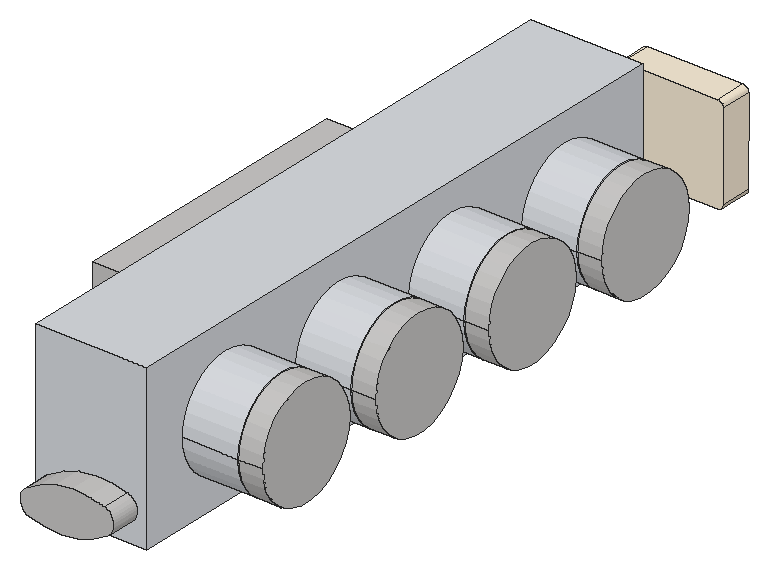
Revit family "HVAC_Ductwork_Airzone_Motorized-Plenum_Hitachi_Standard_4-Dampers", category Mechanical Equipment, Revit 2016
Family settings
  Part Type = Normal
  Round Connector Dimension = Use Diameter
  OmniClass Number = 23.75.70.14
  OmniClass Title = Air Ductwork
  Work Plane-Based = No
  Always vertical = Yes
  Cut with Voids When Loaded = No
  Shared = No
  Room Calculation Point = No
Parameters (values of type "HITST02S4")
  Voltage = 230 V
  URL = "www.airzone.es"
  Type Image Comments = "Image available in product documentation download"  # constant formula
  Revit Model Version = "1.0"  # constant formula
  Revit Model Author URL = "www.a3d.es"
  Revit Model Author = "A3D Consulting"  # constant formula
  Product Documentation Download URL = "http://doc.airzone.es/BIM/Easyzone/Hitachi-Airzone_motorized_plenum.zip"
  Product Comments = "Refer to technical documentation for further details"  # constant formula
  Power Factor = 1
  Neck Width = 537.600 mm
  Neck Length = 95.000 mm
  Neck Height = 179.600 mm
  Material = Metal - AIRZONE - Galvanized Sheet - Semi-polished
  Main Control Board Material = Plastic - AIRZONE - Smooth - Off-white
  Load Classification = Other
  Insulated Body Width = 205.000 mm  # constant formula
  Insulated Body Material = Metal -AIRZONE - Insulating Lining -Aluminum Finish
  Insulated Body Length = 1140.000 mm  # constant formula
  Insulated Body Height = 300.000 mm  # constant formula
  Flow [instance] = Damper 4 Air Flow + Damper 3 Air Flow + Damper 2 Air Flow + Damper 1 Air Flow - Fresh Air Inlet 2 Flow - Fresh Air Inlet 1 Flow  # 1200 m³/h
  Fresh Air Inlet 1 Flow [instance] = 0 m³/h
  Fresh Air Inlet 2 Flow [instance] = 0 m³/h
  Fresh Air Inlet Connection Width = 175.000 mm
  Fresh Air Inlet Connection Height = 75.000 mm
  Model = "HITST02S4"
  Neck Side Offset = 351.200 mm
  Neck Bottom Offset = 78.200 mm
  Type Image = <None>
  Manufacturer = "AIRZONE"  # constant formula
  Main Control Board Depth = 57.000 mm  # constant formula
  Main Control Board Width = 195.000 mm  # constant formula
  Main Control Board Height = 180.000 mm  # constant formula
  Fixing = ""
  Disclaimer = "All information provided in this model is reviewed before being published. However, Airzone cannot guarantee this model is error-free, therefore users are strongly encouraged to check for technical documentation and updates"  # constant formula
  Description = "Airzone standard motorized plenum with neck that mechanically adapts to the main ducted AC units of Hitachi."
  Type Comments = ""
  Dampers Length = 149.000 mm  # constant formula
  Dampers Diameter = 200.000 mm  # constant formula
  Damper 4 Air Flow [instance] = 300 m³/h
  Damper 1 Air Flow [instance] = 300 m³/h
  Damper 2 Air Flow [instance] = 300 m³/h
  Damper 3 Air Flow [instance] = 300 m³/h
  Fresh Air Inlet Connection Offset Height = 48.305 mm  # constant formula
  Compatible Accesories = ""
  Apparent Load = 57.5 VA
Types (5, lengths in mm): name | Neck Width | Neck Height | Model | Neck Side Offset | Neck Bottom Offset
  HITST04S4 | 723.600 | 178.600 | "HITST04S4" | 208.200 | 88.200
  HITST03M4 | 808.000 | 222.400 | "HITST03M4" | 166.000 | 38.800
  HITST01M4 | 872.600 | 179.600 | "HITST01M4" | 206.200 | 78.200
  HITST01S4 | 871.600 | 102.600 | "HITST01S4" | 207.700 | 163.200
  HITST02S4 | 537.600 | 179.600 | "HITST02S4" | 351.200 | 78.200
Reference planes
  plane 1 "Center (Front/Back)": y = 0
  plane 2 "Center (Elevation)": z = 0
  plane 3 "Center (Left/Right)": x = 0
  plane 4 "Neck Back": y = 268.8
  plane 5 "Neck Front": y = -268.8
  plane 6 "Neck Top": z = 89.8
  plane 7 "Neck Bottom": z = -89.8
  plane 8 "Left": x = 95
  plane 9 "Bottom": z = -168
  plane 10 "Top": z = 132
  plane 11 "Front": y = -520
  plane 12 "Back": y = 620
  plane 13 "Right": x = 300
  plane 14 "Dampers Front": x = 449
  plane 15 "Dampers Center (Elevation)": z = -18
  plane 16 "Damper3": y = -80
  plane 17 "Damper2": y = 180
  plane 18 "Damper1": y = 440
  plane 19 "Middle": y = 50
  plane 20 "FreshAir Center (Elevation)": z = -119.695
  plane 21 "FreshAir1": y = 672.5
  plane 22 "FreshAir2": y = -572.5
  plane 23 "Dampers Lining": x = 404
  plane 24 "FreshAir Vertical Axis": x = 195.83
  plane 25 "ConnectionBox Side": x = 254
  plane 26 "Main Control Board Center (Left/Right)": x = 351.5
  plane 27 "Damper4": y = -340
Forms (mm)
  Extrusion 1, solid, material "Metal - AIRZONE - Galvanized Sheet - Semi-polished" <- "Material"
    sketch origin (0, 0, 0) x (0, 1, 0) y (0, 0, 1)
      loop
        line (-268.8, 89.8) -> (-268.8, -89.8) -> (268.8, -89.8) -> (268.8, 89.8) -> (-268.8, 89.8)
    from 0 to 95
  Extrusion 2, solid, material "Metal -AIRZONE - Insulating Lining -Aluminum Finish" <- "Insulated Body Material"
    sketch origin (95, 0, 0) x (0, 1, 0) y (0, 0, 1)
      loop
        line (-520, 132) -> (-520, -168) -> (620, -168) -> (620, 132) -> (-520, 132)
    from 0 to 205
  Extrusion 3, solid, material "Metal - AIRZONE - Galvanized Sheet - Semi-polished" <- "Material"
    sketch origin (300, 0, 0) x (0, 1, 0) y (0, 0, 1)
      loop
        circle (-80, -18) r 100
    from 104 to 149
  Extrusion 4, solid, material "Metal - AIRZONE - Galvanized Sheet - Semi-polished" <- "Material"
    sketch origin (300, 0, 0) x (0, 1, 0) y (0, 0, 1)
      loop
        circle (180, -18) r 100
    from 104 to 149
  Extrusion 5, solid, material "Metal - AIRZONE - Galvanized Sheet - Semi-polished" <- "Material"
    sketch origin (300, 0, 0) x (0, 1, 0) y (0, 0, 1)
      loop
        circle (440, -18) r 100
    from 104 to 149
  Extrusion 6, solid, material "Metal - AIRZONE - Galvanized Sheet - Semi-polished" <- "Material"
    sketch origin (0, -520, 0) x (0, 0, 1) y (1, 0, 0)
      loop
        arc (-87.141, 265.204) -> (-108.608, 282.105) -> (-133.312, 270.434) r 25.96
        arc (-133.312, 270.434) -> (-159.302, 200.598) -> (-151.849, 126.456) r 164.67
        arc (-151.849, 126.456) -> (-130.665, 109.589) -> (-105.994, 120.751) r 25.96
        arc (-105.994, 120.751) -> (-79.725, 190.78) -> (-87.141, 265.204) r 164.67
    from 0 to -52.5
  Extrusion 7, solid, material "Metal - AIRZONE - Galvanized Sheet - Semi-polished" <- "Material"
    sketch origin (0, 620, 0) x (0, 0, 1) y (1, 0, 0)
      loop
        arc (-87.141, 265.204) -> (-108.325, 282.071) -> (-132.996, 270.909) r 25.96
        arc (-132.996, 270.909) -> (-159.179, 201.53) -> (-152.267, 127.699) r 164.67
        arc (-152.267, 127.699) -> (-131.032, 109.637) -> (-105.678, 121.226) r 25.96
        arc (-105.678, 121.226) -> (-79.688, 191.062) -> (-87.141, 265.204) r 164.67
    from 0 to 52.5
  Extrusion 8, solid, material "Metal -AIRZONE - Insulating Lining -Aluminum Finish" <- "Insulated Body Material"
    sketch origin (300, 0, 0) x (0, 1, 0) y (0, 0, 1)
      loop
        circle (440, -18) r 100
    from 0 to 104
  Extrusion 9, solid, material "Metal -AIRZONE - Insulating Lining -Aluminum Finish" <- "Insulated Body Material"
    sketch origin (300, -260, 0) x (0, 1, 0) y (0, 0, 1)
      loop
        circle (440, -18) r 100
    from 0 to 104
  Extrusion 10, solid, material "Metal -AIRZONE - Insulating Lining -Aluminum Finish" <- "Insulated Body Material"
    sketch origin (300, -520, 0) x (0, 1, 0) y (0, 0, 1)
      loop
        circle (440, -18) r 100
    from 0 to 104
  Extrusion 11, solid, material "Metal - AIRZONE - Galvanized Sheet - Semi-polished" <- "Material"
    sketch origin (300, -190, 0) x (0, 1, 0) y (0, 0, 1)
      loop
        circle (-150, -18) r 100
    from 104 to 149
  Extrusion 12, solid, material "Metal -AIRZONE - Insulating Lining -Aluminum Finish" <- "Insulated Body Material"
    sketch origin (300, -710, 0) x (0, 1, 0) y (0, 0, 1)
      loop
        circle (370, -18) r 100
    from 0 to 104
Lines and regions (mm)
  Masking region 1
    outline origin (0, 0, 0) x (1, 0, 0) y (0, 1, 0)
      loop
        line (95, 620) -> (95, -520) -> (300, -520) -> (300, 620) -> (95, 620)
  Masking region 2, detail levels medium+fine
    outline origin (0, 0, 0) x (1, 0, 0) y (0, 1, 0)
      loop
        line (0, 268.8) -> (0, -268.8) -> (95, -268.8) -> (95, 268.8) -> (0, 268.8)
  Masking region 3, detail levels medium+fine
    outline origin (0, 0, 0) x (1, 0, 0) y (0, 1, 0)
      loop
        line (300, 20) -> (300, -180) -> (449, -180) -> (449, 20) -> (300, 20)
  Masking region 4, detail levels medium+fine
    outline origin (0, 260, 0) x (1, 0, 0) y (0, 1, 0)
      loop
        line (300, 20) -> (300, -180) -> (449, -180) -> (449, 20) -> (300, 20)
  Masking region 5, detail levels medium+fine
    outline origin (0, 520, 0) x (1, 0, 0) y (0, 1, 0)
      loop
        line (300, 20) -> (300, -180) -> (449, -180) -> (449, 20) -> (300, 20)
  Masking region 6, detail levels medium+fine
    outline origin (0, 0, -119.695) x (1, 0, 0) y (0, 1, 0)
      loop
        line (108.33, 672.5) -> (108.33, 620) -> (283.33, 620) -> (283.33, 672.5) -> (108.33, 672.5)
  Masking region 7, detail levels medium+fine
    outline origin (0, 0, -119.695) x (1, 0, 0) y (0, 1, 0)
      loop
        line (108.33, -520) -> (108.33, -572.5) -> (283.33, -572.5) -> (283.33, -520) -> (108.33, -520)
  Masking region 8, detail levels medium+fine
    outline origin (0, 0, 132) x (0, -1, 0) y (1, 0, 0)
      loop
        line (-677, 254) -> (-620, 254) -> (-620, 449) -> (-677, 449) -> (-677, 254)
  Masking region 9, detail levels medium+fine
    outline origin (0, -190, 0) x (1, 0, 0) y (0, 1, 0)
      loop
        line (300, -50) -> (300, -250) -> (449, -250) -> (449, -50) -> (300, -50)
  symbolic lines, detail levels coarse
    curve 1: line (95, -520, 0) -> (300, 50, 0)
    curve 2: line (300, 50, 0) -> (95, 620, 0)
Dimensions and locks
  equal spacing: plane 4 "Neck Back", plane 1 "Center (Front/Back)", plane 5 "Neck Front"
  "Neck Width": plane 4 "Neck Back" to plane 5 "Neck Front"
  equal spacing: plane 6 "Neck Top", level, plane 7 "Neck Bottom"
  "Neck Height": plane 6 "Neck Top" to plane 7 "Neck Bottom"
  "Neck Length": plane 3 "Center (Left/Right)" to plane 8 "Left"
  "Neck Bottom Offset": plane 7 "Neck Bottom" to plane 9 "Bottom"
  "Insulated Body Height": plane 10 "Top" to plane 9 "Bottom"
  "Insulated Body Length": plane 12 "Back" to plane 11 "Front"
  "Insulated Body Width": plane 8 "Left" to plane 13 "Right"
  "Dampers Length": plane 13 "Right" to plane 14 "Dampers Front"
  equal spacing: plane 10 "Top", plane 15 "Dampers Center (Elevation)", plane 9 "Bottom"
  equal spacing: plane 12 "Back", plane 19 "Middle", plane 11 "Front"
  plane 8 "Left" to plane 13 "Right" = 205.000 mm
  "Fresh Air Inlet Connection Offset Height": plane 20 "FreshAir Center (Elevation)" to plane 9 "Bottom"
  locked: Extrusion 6 sketch curve to plane 9 "Bottom" at 56.47
  locked: plane 13 "Right" to Extrusion 6 sketch curve at 43.69
  locked: plane 13 "Right" to Extrusion 6 sketch curve at 164.65
  locked: Extrusion 6 sketch curve to plane 9 "Bottom" at 40.54
  locked: plane 13 "Right" to Extrusion 6 sketch curve at 87.91
  locked: plane 9 "Bottom" to Extrusion 6 sketch curve at 75.01
  locked: plane 13 "Right" to Extrusion 6 sketch curve at 120.43
  locked: Extrusion 6 sketch curve to plane 9 "Bottom" at 172.02
  locked: plane 13 "Right" to Extrusion 7 sketch curve at 43.69
  locked: Extrusion 7 sketch curve to plane 9 "Bottom" at 56.47
  locked: Extrusion 7 sketch curve to plane 9 "Bottom" at 40.54
  locked: plane 13 "Right" to Extrusion 7 sketch curve at 164.65
  locked: plane 13 "Right" to Extrusion 7 sketch curve at 120.43
  locked: Extrusion 7 sketch curve to plane 9 "Bottom" at 172.02
  locked: plane 9 "Bottom" to Extrusion 7 sketch curve at 75.01
  locked: plane 13 "Right" to Extrusion 7 sketch curve at 87.91
  "Neck Side Offset": plane 12 "Back" to plane 4 "Neck Back"
  locked: plane 21 "FreshAir1" to plane 12 "Back" at 52.5
  plane 11 "Front" to plane 22 "FreshAir2" = 52.500 mm
  locked: connector elem to plane 13 "Right" at 104.17
  locked: plane 20 "FreshAir Center (Elevation)" to connector elem
  locked: plane 13 "Right" to connector elem at 104.17
  locked: connector elem to plane 20 "FreshAir Center (Elevation)"
  locked: plane 23 "Dampers Lining" to plane 14 "Dampers Front" at 45
  locked: plane 24 "FreshAir Vertical Axis" to plane 13 "Right" at 104.17
  equal spacing: Masking region 3 sketch curve, plane 16 "Damper3", Masking region 3 sketch curve
  "Dampers Diameter": Masking region 3 sketch curve to Masking region 3 sketch curve
  "Dampers Diameter": Masking region 4 sketch curve to Masking region 4 sketch curve
  equal spacing: Masking region 5 sketch curve, plane 18 "Damper1", Masking region 5 sketch curve
  "Dampers Diameter": Masking region 5 sketch curve to Masking region 5 sketch curve
  equal spacing: Masking region 6 sketch curve, plane 24 "FreshAir Vertical Axis", Masking region 6 sketch curve
  "Fresh Air Inlet Connection Width": Masking region 6 sketch curve to Masking region 6 sketch curve
  equal spacing: Masking region 7 sketch curve, plane 24 "FreshAir Vertical Axis", Masking region 7 sketch curve
  "Fresh Air Inlet Connection Width": Masking region 7 sketch curve to Masking region 7 sketch curve
  "Main Control Board Depth": Masking region 8 sketch curve to plane 12 "Back"
  "Main Control Board Width": plane 25 "ConnectionBox Side" to plane 14 "Dampers Front"
  equal spacing: plane 25 "ConnectionBox Side", plane 26 "Main Control Board Center (Left/Right)", plane 14 "Dampers Front"
  locked: nested 1 to plane 10 "Top" at 10
  equal spacing: Masking region 4 sketch curve, plane 17 "Damper2", Masking region 4 sketch curve
  equal spacing: Masking region 9 sketch curve, plane 27 "Damper4", Masking region 9 sketch curve
  "Dampers Diameter": Masking region 9 sketch curve to Masking region 9 sketch curve
  plane 18 "Damper1" to plane 17 "Damper2" to plane 16 "Damper3" to plane 27 "Damper4" = 260.000 mm locked, 260.000 mm locked, 260.000 mm locked
  locked: plane 17 "Damper2" to plane 19 "Middle" at 130
  "Dampers Diameter": diameter of Extrusion 3 sketch curve
  "Dampers Diameter": diameter of Extrusion 4 sketch curve
  "Dampers Diameter": diameter of Extrusion 5 sketch curve
  radius of Extrusion 7 sketch curve = 164.670 mm  (x2)
  radius of Extrusion 7 sketch curve = 25.960 mm  (x2)
  radius of Extrusion 6 sketch curve = 164.670 mm  (x2)
  radius of Extrusion 6 sketch curve = 25.960 mm  (x2)
  "Dampers Diameter": diameter of Extrusion 8 sketch curve
  "Dampers Diameter": diameter of Extrusion 9 sketch curve
  "Dampers Diameter": diameter of Extrusion 10 sketch curve
  "Dampers Diameter": diameter of Extrusion 11 sketch curve
  "Dampers Diameter": diameter of Extrusion 12 sketch curve
  aligned and locked: level to plane 2 "Center (Elevation)"
  aligned and locked: plane 5 "Neck Front" to Extrusion 1 sketch curve
  aligned and locked: Extrusion 1 sketch curve to plane 6 "Neck Top"
  aligned and locked: Extrusion 1 sketch curve to plane 4 "Neck Back"
  aligned and locked: plane 7 "Neck Bottom" to Extrusion 1 sketch curve
  aligned and locked: Extrusion 1 to plane 3 "Center (Left/Right)"
  aligned and locked: Extrusion 2 sketch curve to plane 10 "Top"
  aligned and locked: Extrusion 2 sketch curve to plane 12 "Back"
  aligned and locked: plane 9 "Bottom" to Extrusion 2 sketch curve
  aligned and locked: plane 11 "Front" to Extrusion 2 sketch curve
  aligned and locked: plane 13 "Right" to Extrusion 2
  aligned and locked: Extrusion 2 to plane 8 "Left"
  aligned and locked: plane 16 "Damper3" to Extrusion 3 sketch curve
  aligned and locked: plane 15 "Dampers Center (Elevation)" to Extrusion 3 sketch curve
  aligned and locked: plane 15 "Dampers Center (Elevation)" to Extrusion 4 sketch curve
  aligned and locked: plane 18 "Damper1" to Extrusion 5 sketch curve
  aligned and locked: plane 15 "Dampers Center (Elevation)" to Extrusion 5 sketch curve
  aligned and locked: plane 14 "Dampers Front" to Extrusion 5
  aligned and locked: plane 14 "Dampers Front" to Extrusion 4
  aligned and locked: plane 14 "Dampers Front" to Extrusion 3
  aligned and locked: plane 8 "Left" to Extrusion 1
  aligned and locked: plane 22 "FreshAir2" to Extrusion 6
  aligned and locked: plane 21 "FreshAir1" to Extrusion 7
  aligned and locked: Extrusion 7 to plane 12 "Back"
  aligned and locked: plane 11 "Front" to Extrusion 6
  aligned and locked: Extrusion 5 to plane 23 "Dampers Lining"
  aligned and locked: Extrusion 5 to Extrusion 4
  aligned and locked: Extrusion 4 to Extrusion 3
  aligned and locked: plane 23 "Dampers Lining" to Extrusion 8
  aligned and locked: Extrusion 10 to plane 13 "Right"
  aligned and locked: plane 23 "Dampers Lining" to Extrusion 10
  aligned and locked: Extrusion 9 to plane 13 "Right"
  aligned and locked: plane 23 "Dampers Lining" to Extrusion 9
  aligned and locked: Extrusion 8 to plane 13 "Right"
  aligned and locked: Extrusion 9 to Extrusion 8
  aligned and locked: plane 18 "Damper1" to Extrusion 8 sketch curve
  aligned and locked: plane 15 "Dampers Center (Elevation)" to Extrusion 8 sketch curve
  aligned and locked: plane 15 "Dampers Center (Elevation)" to Extrusion 9 sketch curve
  aligned and locked: plane 16 "Damper3" to Extrusion 10 sketch curve
  aligned and locked: plane 15 "Dampers Center (Elevation)" to Extrusion 10 sketch curve
  aligned and locked: Masking region 1 sketch curve to plane 12 "Back"
  aligned and locked: plane 8 "Left" to Masking region 1 sketch curve
  aligned and locked: Masking region 1 sketch curve to plane 13 "Right"
  aligned and locked: plane 11 "Front" to Masking region 1 sketch curve
  aligned and locked: plane 5 "Neck Front" to Masking region 2 sketch curve
  aligned and locked: plane 3 "Center (Left/Right)" to Masking region 2 sketch curve
  aligned and locked: Masking region 2 sketch curve to plane 4 "Neck Back"
  aligned and locked: Masking region 2 sketch curve to plane 8 "Left"
  aligned and locked: plane 13 "Right" to Masking region 3 sketch curve
  aligned and locked: Masking region 3 sketch curve to plane 14 "Dampers Front"
  aligned and locked: plane 13 "Right" to Masking region 4 sketch curve
  aligned and locked: Masking region 4 sketch curve to plane 14 "Dampers Front"
  aligned and locked: plane 13 "Right" to Masking region 5 sketch curve
  aligned and locked: Masking region 5 sketch curve to plane 14 "Dampers Front"
  aligned and locked: plane 12 "Back" to Masking region 6 sketch curve
  aligned and locked: Masking region 6 sketch curve to plane 21 "FreshAir1"
  aligned and locked: Masking region 7 sketch curve to plane 11 "Front"
  aligned and locked: Masking region 7 sketch curve to plane 22 "FreshAir2"
  aligned and locked: plane 12 "Back" to Masking region 8 sketch curve
  aligned and locked: Masking region 8 sketch curve to plane 14 "Dampers Front"
  aligned and locked: plane 25 "ConnectionBox Side" to Masking region 8 sketch curve
  aligned and locked: plane 17 "Damper2" to Extrusion 9 sketch curve
  aligned and locked: plane 17 "Damper2" to Extrusion 4 sketch curve
  aligned and locked: Masking region 9 sketch curve to plane 14 "Dampers Front"
  aligned and locked: plane 13 "Right" to Masking region 9 sketch curve
  aligned and locked: Extrusion 12 to plane 13 "Right"
  aligned and locked: plane 23 "Dampers Lining" to Extrusion 12
  aligned and locked: Extrusion 11 to plane 23 "Dampers Lining"
  aligned and locked: plane 14 "Dampers Front" to Extrusion 11
  aligned and locked: plane 15 "Dampers Center (Elevation)" to Extrusion 12 sketch curve
  aligned and locked: plane 27 "Damper4" to Extrusion 12 sketch curve
  aligned and locked: plane 15 "Dampers Center (Elevation)" to Extrusion 11 sketch curve
  aligned and locked: plane 27 "Damper4" to Extrusion 11 sketch curve
  aligned and locked: nested 1 to plane 26 "Main Control Board Center (Left/Right)"
Automatic sketch dimensions
  curve 2 to plane 8 "Left" = 0.000 mm
  curve 1 to plane 8 "Left" = 0.000 mm
  curve 2 to plane 13 "Right" = 0.000 mm
  curve 1 to plane 11 "Front" = 0.000 mm
  curve 2 to plane 19 "Middle" = 0.000 mm
  curve 2 to plane 12 "Back" = 0.000 mm
Nested families
  nested 1: "Airzone_Main-Control-Board" at (351.5, 620, 32) x (-1, 0, 0) z (0, 1, 0), Extrusion <- "Main Control Board Depth", Height <- "Main Control Board Height", Width <- "Main Control Board Width", Material <- "Main Control Board Material", type "Standard"
    with Width 195.000 mm, Material Plastic - AIRZONE - Smooth - Off-white, Height 180.000 mm, Extrusion 57.000 mm
Connectors
  hvac at (449, -80, -18), driven by "Damper 3 Air Flow", driven by "Dampers Diameter"
    settings: on Extrusion 3, index 1, duct flow 300 m³/h, flow factor 0, pres drop 0.0 Pa, loss coef 0, conn angle 0.00°, conn width 304.8 mm, conn height 304.8 mm, conn diameter 200 mm, duct sys type 1, conn prof type 0, flow config 0, flow direction 2, loss method 0, conn ref index -1, conn util no, is conn primary no, conn desc "Supply Air Out 3"
  hvac at (449, 180, -18), driven by "Damper 2 Air Flow", driven by "Dampers Diameter"
    settings: on Extrusion 4, index 2, duct flow 300 m³/h, flow factor 0, pres drop 0.0 Pa, loss coef 0, conn angle 0.00°, conn width 304.8 mm, conn height 304.8 mm, conn diameter 200 mm, duct sys type 1, conn prof type 0, flow config 0, flow direction 2, loss method 0, conn ref index -1, conn util no, is conn primary no, conn desc "Supply Air Out 2"
  hvac at (449, 440, -18), driven by "Damper 1 Air Flow", driven by "Dampers Diameter"
    settings: on Extrusion 5, index 3, duct flow 300 m³/h, flow factor 0, pres drop 0.0 Pa, loss coef 0, conn angle 0.00°, conn width 304.8 mm, conn height 304.8 mm, conn diameter 200 mm, duct sys type 1, conn prof type 0, flow config 0, flow direction 2, loss method 0, conn ref index -1, conn util no, is conn primary no, conn desc "Supply Air Out 1"
  hvac at (0, 0, 0), driven by "Flow", driven by "Neck Height", driven by "Neck Width"
    settings: on Extrusion 1, index 6, duct flow 1200 m³/h, flow factor 0, pres drop 0.0 Pa, loss coef 0, conn angle 0.00°, conn width 537.6 mm, conn height 179.6 mm, conn diameter 609.6 mm, duct sys type 1, conn prof type 1, flow config 1, flow direction 1, loss method 0, conn ref index -1, conn util no, is conn primary yes, conn desc "Supply Air In"
  hvac at (195.83, -572.5, -119.695), driven by "Fresh Air Inlet 2 Flow", driven by "Fresh Air Inlet Connection Width", driven by "Fresh Air Inlet Connection Height"
    settings: index 7, duct flow 0 m³/h, flow factor 0, pres drop 0.0 Pa, loss coef 0, conn angle 0.00°, conn width 175 mm, conn height 75 mm, conn diameter 609.6 mm, duct sys type 1, conn prof type 2, flow config 1, flow direction 1, loss method 0, conn ref index -1, conn util no, is conn primary no, conn desc "Fresh Air In 2"
  hvac at (195.83, 672.5, -119.695), driven by "Fresh Air Inlet 1 Flow", driven by "Fresh Air Inlet Connection Height", driven by "Fresh Air Inlet Connection Width"
    settings: index 8, duct flow 0 m³/h, flow factor 0, pres drop 0.0 Pa, loss coef 0, conn angle 0.00°, conn width 175 mm, conn height 75 mm, conn diameter 609.6 mm, duct sys type 1, conn prof type 2, flow config 1, flow direction 1, loss method 0, conn ref index -1, conn util no, is conn primary no, conn desc "Fresh Air In 1"
  hvac at (449, -340, -18), driven by "Damper 4 Air Flow", driven by "Dampers Diameter"
    settings: on Extrusion 11, index 9, duct flow 300 m³/h, flow factor 0, pres drop 0.0 Pa, loss coef 0, conn angle 0.00°, conn width 304.8 mm, conn height 304.8 mm, conn diameter 200 mm, duct sys type 1, conn prof type 0, flow config 0, flow direction 2, loss method 0, conn ref index -1, conn util no, is conn primary no, conn desc "Supply Air Out 4"
  electrical at (351.5, 677, 32), driven by "Load Classification", driven by "Voltage", driven by "Apparent Load", driven by "Power Factor"
    settings: on nested 1, index 10, voltage 230 V, apparent load 57.5 VA, apparent load phase1 0 VA, apparent load phase2 0 VA, apparent load phase3 0 VA, power factor 1, load classification "Other", number of poles 1, system type 30, power factor state 1, is connector primary yes, connector utility no, sub classification motor no, connector description "Power Supply"
Definition of nested family "Airzone_Main-Control-Board"
  Parameters (values of type "Standard")
    Width [instance] = 195.000 mm
    URL = "www.airzone.es"
    Revit Model Version = "1.0"  # constant formula
    Revit Model Author URL = "www.a3d.es"
    Revit Model Author = "A3D Consulting"  # constant formula
    Material [instance] = none
    Manufacturer = "AIRZONE"  # constant formula
    Height [instance] = 180.000 mm
    Extrusion [instance] = 57.000 mm
    Default Elevation = 0.000 mm
  Reference planes
    plane 1 "Center (Front/Back)": y = 0
    plane 2: z = 0
    plane 3 "Center (Left/Right)": x = 0
    plane 4: y = 90
    plane 5: y = -90
    plane 6: x = 97.5
    plane 7: x = -97.5
  Forms (mm)
    Extrusion 1, solid, material <- "Material"
      sketch origin (0, 0, 0) x (1, 0, 0) y (0, 1, 0)
        loop
          arc (-87.5, 90) -> (-94.571, 87.071) -> (-97.5, 80) r 10
          line (-97.5, 80) -> (-97.5, -80)
          arc (-97.5, -80) -> (-94.571, -87.071) -> (-87.5, -90) r 10
          line (-87.5, -90) -> (87.5, -90)
          arc (87.5, -90) -> (94.571, -87.071) -> (97.5, -80) r 10
          line (97.5, -80) -> (97.5, 80)
          arc (97.5, 80) -> (94.571, 87.071) -> (87.5, 90) r 10
          line (87.5, 90) -> (-87.5, 90)
      from 0 to 57 <- "Extrusion"
  Dimensions and locks
    equal spacing: plane 7, plane 3 "Center (Left/Right)", plane 6
    equal spacing: plane 4, plane 1 "Center (Front/Back)", plane 5
    "Width": plane 7 to plane 6
    "Height": plane 4 to plane 5
    radius of Extrusion 1 sketch curve = 10.000 mm  (x4)
    aligned and locked: level to plane 2
    aligned and locked: plane 5 to Extrusion 1 sketch curve
    aligned and locked: Extrusion 1 sketch curve to plane 6
    aligned and locked: Extrusion 1 sketch curve to plane 4
    aligned and locked: plane 7 to Extrusion 1 sketch curve
